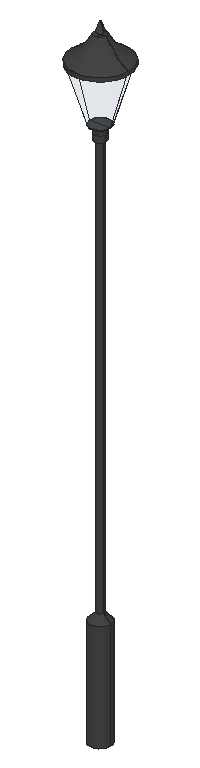
Revit family
Parameters
  Wattage = 9.2903 W
  built-in parameter 1150110 = 1 (stored number, unit not read)
  built-in parameter 1114217 = 1 (stored number, unit not read)
  built-in parameter 1150109 = 1 (stored number, unit not read)
  built-in parameter 1150134 = 3
  built-in parameter 1150113 = 1 (stored number, unit not read)
  Material Post = Metal - Black
  built-in parameter 1150105 = 109.82 (stored number, unit not read)
  Lumens = 1380 lm
  built-in parameter 1150115 = 1 (stored number, unit not read)
  Light Source Symbol Size = 609.6 mm
  built-in parameter 1150137 = (empty or 0)
  built-in parameter 1150139 = (empty or 0)
  Lamp height = 300 mm
  Material Lamp Glazing = Glass - Blue Frosted
  built-in parameter 1150112 = 1 (stored number, unit not read)
  built-in parameter 1150114 = 1 (stored number, unit not read)
  Keynote = "V"
  built-in parameter 1150132 = 2
  built-in parameter 1150102 = (empty or 0)
  built-in parameter 1150107 = 3200 (stored number, unit not read)
  built-in parameter 1150138 = (empty or 0)
  built-in parameter 1150106 = 1.0982 (stored number, unit not read)
  Fixture Height = 3100 mm
  built-in parameter 1150104 = 13.8 (stored number, unit not read)
  Dimming Lamp Color Temperature Shift = (empty or 0)
  Color Filter = 16777215
  Base Height = 600 mm
  built-in parameter 1114218 = 1 (stored number, unit not read)
  built-in parameter 1150133 = 10 (stored number, unit not read)
Reference planes
  plane 1 "Light Source Axis (F/B)": y = 0
  plane 2: z = 0
  plane 3 "Light Source Axis (L/R)": x = 0
  plane 4 "Fixture Top": z = 3100
  plane 5: z = 600
  plane 6 "Light Source Elevation": z = 3600
Forms (mm)
  Revolve 1, solid, material "Metal - Black" <- "Material Post"
    sketch origin (0, 0, 0) x (1, 0, 0) y (0, 0, 1)
      loop
        line (0, 0) -> (0, 3052.439) -> (-56.42, 3052.439)
        arc (-56.42, 3052.439) -> (-37.836, 3037.521) -> (-32.574, 3014.277) r 36.153
        line (-32.574, 3014.277) -> (-32.574, 2979.277) -> (-17.574, 2979.277) -> (-17.574, 642.426) -> (-60, 600) -> (-60, 0) -> (0, 0)
      loop
        line (0, 3352.439) -> (0, 3566.623) -> (-19.658, 3512.614) -> (-7.574, 3512.614) -> (-7.574, 3500) -> (-32.574, 3500)
        arc (-32.574, 3500) -> (-85.682, 3425.626) -> (-160, 3372.439) r 278.583
        line (-160, 3372.439) -> (-160, 3352.439) -> (0, 3352.439)
      axis (0, 0) -> (0, 3566.623)
    angle from 0 to 360
  Revolve 2, solid, material "Glass - Blue Frosted" <- "Material Lamp Glazing"
    sketch origin (0, 0, 0) x (1, 0, 0) y (0, 0, 1)
      loop
        line (0, 3100) -> (0, 3352.439) -> (-150, 3352.439) -> (-56.42, 3052.439) -> (0, 3052.439) -> (0, 3100)
      axis (0, 3052.439) -> (0, 3352.439)
    angle from 0 to 360
Dimensions and locks
  "Lamp height": Revolve 2 sketch curve to Revolve 2 sketch curve
  Revolve 1 to Revolve 2 sketch curve = 0 mm
  Revolve 2 sketch curve to Revolve 1 = 0 mm
  "Lamp height": Revolve 1 sketch curve to Revolve 1 sketch curve
  locked: Revolve 1 sketch curve to Revolve 1 sketch curve at 147.561
  "Base Height": plane 5 to plane 2
  "Fixture Height": plane 4 "Fixture Top" to plane 2
  locked: plane 6 "Light Source Elevation" to plane 4 "Fixture Top" at 500
  aligned and locked: plane 5 to Revolve 1 sketch curve
  aligned and locked: plane 3 "Light Source Axis (L/R)" to imposter light
  aligned and locked: imposter light to plane 1 "Light Source Axis (F/B)"
  aligned and locked: plane 6 "Light Source Elevation" to imposter light
Automatic sketch dimensions
  Revolve 2 sketch curve to plane 3 "Light Source Axis (L/R)" = 0 mm  (x2)
  Revolve 2 sketch curve to plane 4 "Fixture Top" = 0 mm
  Revolve 2 sketch curve to Revolve 2 sketch curve = 56.42 mm
  Revolve 2 sketch curve to plane 3 "Light Source Axis (L/R)" = 150 mm
  Revolve 2 sketch curve to level = 271.696 mm
  Revolve 2 sketch curve to Revolve 2 sketch curve = 1104.865 mm
  Revolve 1 sketch curve to level = 0 mm
  Revolve 1 sketch curve to plane 3 "Light Source Axis (L/R)" = 0 mm  (x3)
  Revolve 1 sketch curve to plane 3 "Light Source Axis (L/R)" = 7.574 mm
  Revolve 1 sketch curve to plane 3 "Light Source Axis (L/R)" = 17.574 mm
  Revolve 1 sketch curve to Revolve 1 sketch curve = 12.084 mm
  Revolve 1 sketch curve to Revolve 1 sketch curve = 15 mm
  Revolve 1 sketch curve to Revolve 1 sketch curve = 12.916 mm
  Revolve 1 sketch curve to Revolve 1 sketch curve = 23.846 mm
  Revolve 1 sketch curve to Revolve 1 sketch curve = 60 mm
  Revolve 1 sketch curve to Revolve 1 sketch curve = 35.922 mm
  Revolve 1 sketch curve to plane 3 "Light Source Axis (L/R)" = 160 mm
  Revolve 1 sketch curve to Revolve 1 sketch curve = 122.773 mm
  Revolve 1 sketch curve to Revolve 1 sketch curve = 271.696 mm
  Revolve 1 sketch curve to plane 5 = 42.426 mm
  Revolve 1 sketch curve to Revolve 1 sketch curve = 73.162 mm
  Revolve 1 sketch curve to Revolve 1 sketch curve = 35 mm
  Revolve 1 sketch curve to Revolve 1 sketch curve = 20 mm
  Revolve 1 sketch curve to Revolve 1 sketch curve = 12.614 mm
  Revolve 1 sketch curve to Revolve 1 sketch curve = 54.009 mm
  Revolve 1 sketch curve to Revolve 1 sketch curve = 698.666 mm
  plane 4 "Fixture Top" to Revolve 1 sketch curve = 120.723 mm
